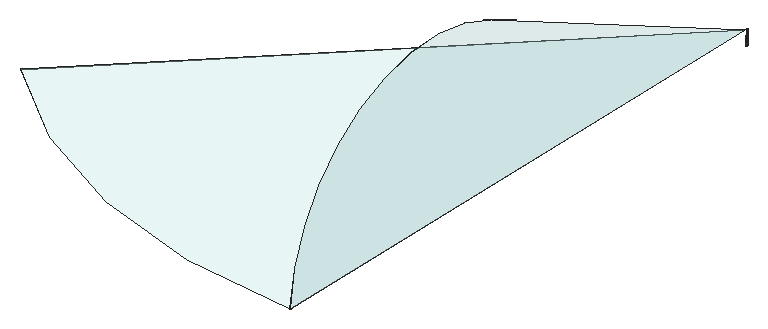
Revit family "Rotor 5000 Series - 5006+PC", category Acessórios do tubo, Revit 2020
Family settings
  Cota do conector redondo = Utilizar diâmetro
  Tipo de parte = Normal
  Número OmniClass = 23.60.30.11.14
  Título OmniClass = Pipework Fittings
  Com base no plano de trabalho = Não
  Sempre na vertical = Sim
  Corte com vazios quando carregada = Não
  Compartilhado = Não
Parameters (values of type "Rain Curtain 6.0")
  Water = Water
  URL = "https://www.rainbird.com/"
  TABLE 65 = "TABLE 65psi"
  TABLE 55 75 = "TABLE 55 75psi"
  TABLE 55 = "TABLE 55psi"
  TABLE 45 = "TABLE 45psi"
  TABLE 35 = "TABLE 35psi"
  TABLE 25 = "TABLE 25psi"
  SupportProjetos: Reviw Date = ""  # constant formula
  SupportProjetos: Reviw = "R00"  # constant formula
  SupportProjetos: Level of Detail = "LOD 300"  # constant formula
  SupportProjetos: Developed = "MICHEL SOARES MOTA"  # constant formula
  SupportProjetos: Creation Date = "07/08/2020"  # constant formula
  Side inlet = no
  Rotation Water Visibility [instance] = Pop up on  # yes
  Rotation Angle [instance] = 45.00°
  RainBird: Product Link = "https://www.rainbird.com/"
  RainBird: Description = "5006+PC Rotor "  # constant formula
  RainBird: Comment [instance] = ""
  RainBird: Code = "Y45800"  # constant formula
  Radius [instance] = if(and(Pressure = 25.0 psi, Instance < 25 ft), size_lookup(TABLE 25, "Radius", 0 ft, Instance), if(and(Pressure = 35.0 psi, Instance < 25 ft), size_lookup(TABLE 35, "Radius", 0 ft, Instance), if(and(Pressure = 45.0 psi, Instance < 25 ft), size_lookup(TABLE 45, "Radius", 0 ft, Instance), if(and(Pressure = 55.0 psi, Instance < 13 ft), size_lookup(TABLE 55, "Radius", 0 ft, Instance), if(and(Pressure = 65.0 psi, Instance < 13 ft), size_lookup(TABLE 65, "Radius", 0 ft, Instance), if(and(Pressure > 55.0 psi, Instance > 13 ft), size_lookup(TABLE 55 75, "Radius", 0 ft, Instance), 0 ft))))))  # 50 ft
  RT = 0.009893 ft
  RN = 0.032808 ft
  R5 = 0.03937 ft
  R4 = 0.04101 ft
  R3 = 0.065617 ft
  R2 = 0.075407 ft
  R1 = 0.032808 ft
  Pressure [instance] = 55.0 psi
  Pop up height = 0.499 ft  # constant formula
  Pop up on [instance] = yes
  Modelo = "5006+PC"  # constant formula
  Instance = 7 ft
  H1 = Body height / 3  # 0.268 ft
  Flow [instance] = if(and(Pressure = 25.0 psi, Instance < 25 ft), size_lookup(TABLE 25, "Flow", 0.0 GPM, Instance), if(and(Pressure = 35.0 psi, Instance < 25 ft), size_lookup(TABLE 35, "Flow", 0.0 GPM, Instance), if(and(Pressure = 45.0 psi, Instance < 25 ft), size_lookup(TABLE 45, "Flow", 0.0 GPM, Instance), if(and(Pressure = 55.0 psi, Instance < 13 ft), size_lookup(TABLE 55, "Flow", 0.0 GPM, Instance), if(and(Pressure = 65.0 psi, Instance < 13 ft), size_lookup(TABLE 65, "Flow", 0.0 GPM, Instance), if(and(Pressure > 55.0 psi, Instance > 13 ft), size_lookup(TABLE 55 75, "Flow", 0.0 GPM, Instance), 0.0 GPM))))))  # 6.63 GPM
  Fabricante = "Rain Bird"
  Elevação padrão = 0 ft
  Description = RainBird: Description  # "5006+PC Rotor "
  DD13 = 0.002625 ft
  DD12 = 0.003937 ft
  DD11 = 0.009897 ft
  DD10 = 0.016404 ft
  DD8 [instance] = if(Pop up on, Pop up height, 0 ft)  # 0.499 ft
  DD7 = 0.019685 ft
  DD6 [instance] = 0.016404 ft
  DD5 = 0.065617 ft
  DD4 = 0.032808 ft
  DD3 = 0.091048 ft
  DD2 [instance] = 0.024514 ft
  DD9 [instance] = if(Pop up on, Pop up height + 0.049541 ft, 0 ft)  # 0.548541 ft
  DD1 = 0.006562 ft
  Conection = 0.062664 ft  # constant formula
  Body height = 0.804 ft  # constant formula
  Blue = Blue Plastic
  Black Plastic = Black Plastic
  Angle = 25.00°
Types (25, lengths in ft): name | Rotation Angle | Radius | Pressure | Instance | Flow
  (no name) | 45.00° | 50 | 55.0 psi | 7 | 6.63 GPM
  Rain Curtain 1.5 | 180.00° | 33 | 25.0 psi | 1 | 1.12 GPM
  Rain Curtain 2.0 | 180.00° | 35 | 25.0 psi | 2 | 1.5 GPM
  Rain Curtain 3.0 | 180.00° | 36 | 25.0 psi | 4 | 2.26 GPM
  Rain Curtain 4.0 | 180.00° | 36 | 25.0 psi | 5 | 2.91 GPM
  Rain Curtain 5.0 | 180.00° | 37 | 25.0 psi | 6 | 3.72 GPM
  Rain Curtain 6.0 | 45.00° | 50 | 55.0 psi | 7 | 6.63 GPM
  Rain Curtain 8.0 | 180.00° | 33 | 25.0 psi | 8 | 5.9 GPM
  Rain Curtain 2.5 | 180.00° | 35 | 25.0 psi | 3 | 1.81 GPM
  1.0 LA | 180.00° | 25 | 25.0 psi | 9 | 0.76 GPM
  1.5 LA | 180.00° | 27 | 25.0 psi | 10 | 1.15 GPM
  2.0 LA | 180.00° | 29 | 25.0 psi | 11 | 1.47 GPM
  3.0 LA | 180.00° | 29 | 25.0 psi | 12 | 2.23 GPM
  PRS Rain Curtain 1.5 | 180.00° | 33 | 25.0 psi | 13 | 1.12 GPM
  PRS Rain Curtain 2.0 | 180.00° | 35 | 25.0 psi | 14 | 1.5 GPM
  PRS Rain Curtain 2.5 | 180.00° | 35 | 25.0 psi | 15 | 1.81 GPM
  PRS Rain Curtain 3.0 | 180.00° | 36 | 25.0 psi | 16 | 2.26 GPM
  PRS Rain Curtain 4.0 | 180.00° | 36 | 25.0 psi | 17 | 2.91 GPM
  PRS Rain Curtain 5.0 | 180.00° | 37 | 25.0 psi | 18 | 3.72 GPM
  PRS Rain Curtain 6.0 | 180.00° | 37 | 25.0 psi | 19 | 4.25 GPM
  PRS Rain Curtain 8.0 | 180.00° | 33 | 25.0 psi | 20 | 5.9 GPM
  PRS 1.0 LA | 180.00° | 25 | 25.0 psi | 21 | 0.76 GPM
  PRS 1.5 LA | 180.00° | 27 | 25.0 psi | 22 | 1.15 GPM
  PRS 2.0 LA | 180.00° | 29 | 25.0 psi | 23 | 1.47 GPM
  PRS 3.0 LA | 180.00° | 29 | 25.0 psi | 24 | 2.23 GPM
Reference planes (ft)
  plane 1 "Centro (Frente/Trás)": y = 0
  plane 2: z = 0
  plane 3 "Centro (Esquerda/Direita)": x = 0
  plane 4: z = 0.003937
  plane 5: z = 0.002625
  plane 6: y = -0.065617
Forms (ft)
  Revolve 1, solid, material "Black Plastic" <- "Black Plastic"
    sketch origin (0, 0, 0) x (1, 0, 0) y (0, 0, 1)
      loop
        line (0.075407, -0.091048) -> (0.075407, -0.035324)
        arc (0.075407, -0.035324) -> (0.072509, -0.028329) -> (0.065514, -0.025431) r 0.009893
        line (0.065514, -0.025431) -> (0.046098, -0.025431) -> (0.046098, 0) -> (0.03937, 0) -> (0.03937, -0.499) -> (0.019685, -0.499) -> (0.019685, -0.797438) -> (0.032808, -0.797438) -> (0.032808, -0.804) -> (0.04101, -0.804) -> (0.04101, -0.797438) -> (0.055724, -0.797438)
        arc (0.055724, -0.797438) -> (0.062719, -0.794541) -> (0.065617, -0.787545) r 0.009893
        line (0.065617, -0.787545) -> (0.065617, -0.091048) -> (0.075407, -0.091048)
      axis (0, -0.804) -> (0, 0)
    angle from 0 to 360
  Extrusion 2, solid, material "Black Plastic" <- "Black Plastic"
    sketch origin (0, 0, 0) x (1, 0, 0) y (0, 1, 0)
      loop
        circle (0, 0) r 0.032808
    from -0.499 to 0.499
  Extrusion 3, void
    sketch origin (0, 0, 0) x (1, 0, 0) y (0, 1, 0)
      loop
        circle (0, 0) r 0.022844
    from -0.499 to 0.499
  Revolve 4, solid, material "Black Plastic" <- "Black Plastic"
    sketch origin (0, 0, 0) x (1, 0, 0) y (0, 0, 1)
      loop
        line (0, 0.499) -> (0.037004, 0.499) -> (0.037004, 0.508897)
        arc (0.037004, 0.508897) -> (0.01879, 0.51379) -> (0, 0.515404) r 0.10685
        line (0, 0.515404) -> (0, 0.499)
      axis (0, 0.499) -> (0, 0.515404)
    angle from 0 to 360
  Extrusion 5, solid, material "Blue Plastic" <- "Blue"
    sketch origin (0, 0, 0) x (1, 0, 0) y (0, 0, 1)
      loop
        circle (0, 0.474486) r 0.009129
      loop
        circle (0, 0.474486) r 0.004793
    from 0 to 0.034386
  Extrusion 6, void
    sketch origin (0, 0, 0) x (1, 0, 0) y (0, 0, 1)
      loop
        line (-0.02074, 0.328055) -> (-0.02074, 0.282426) -> (0.020672, 0.282426) -> (0.020672, 0.328055) -> (-0.02074, 0.328055)
      loop
        line (-0.018439, 0.325179) -> (-0.018439, 0.285685) -> (0.018179, 0.285685) -> (0.018179, 0.325179) -> (-0.018439, 0.325179)
    from 0.024556 to 0.06931
  Extrusion 7, solid, material "Black Plastic" <- "Black Plastic"
    sketch origin (0, 0, 0) x (1, 0, 0) y (0, 0, 1)
      loop
        line (0.046098, 0) -> (0.046098, -0.036876) -> (0.073493, -0.036876) -> (0.046098, 0)
    from -0.002998 to 0.002998
  Extrusion 8, solid, material "Black Plastic" <- "Black Plastic"
    sketch origin (0, 0, 0) x (-1, 0, 0) y (0, 0, -1)
      loop
        line (0.046098, 0) -> (0.073493, 0.036876) -> (0.046098, 0.036876) -> (0.046098, 0)
    from -0.002998 to 0.002998
  Extrusion 9, solid, material "Black Plastic" <- "Black Plastic"
    sketch origin (0, 0, 0) x (0.866025, 0.5, 0) y (0, 0, 1)
      loop
        line (0.046098, 0) -> (0.046098, -0.036876) -> (0.073493, -0.036876) -> (0.046098, 0)
    from -0.002998 to 0.002998
  Extrusion 10, solid, material "Black Plastic" <- "Black Plastic"
    sketch origin (0, 0, 0) x (-0.866025, -0.5, 0) y (0, 0, -1)
      loop
        line (0.046098, 0) -> (0.073493, 0.036876) -> (0.046098, 0.036876) -> (0.046098, 0)
    from -0.002998 to 0.002998
  Extrusion 11, solid, material "Black Plastic" <- "Black Plastic"
    sketch origin (0, 0, 0) x (0, 1, 0) y (0, 0, 1)
      loop
        line (0.046098, 0) -> (0.046098, -0.036876) -> (0.073493, -0.036876) -> (0.046098, 0)
    from -0.002998 to 0.002998
  Extrusion 12, solid, material "Black Plastic" <- "Black Plastic"
    sketch origin (0, 0, 0) x (0, -1, 0) y (0, 0, -1)
      loop
        line (0.046098, 0) -> (0.073493, 0.036876) -> (0.046098, 0.036876) -> (0.046098, 0)
    from -0.002998 to 0.002998
  Extrusion 13, solid, material "Black Plastic" <- "Black Plastic"
    sketch origin (0, 0, 0) x (0.5, 0.866025, 0) y (0, 0, 1)
      loop
        line (0.046098, 0) -> (0.046098, -0.036876) -> (0.073493, -0.036876) -> (0.046098, 0)
    from -0.002998 to 0.002998
  Extrusion 14, solid, material "Black Plastic" <- "Black Plastic"
    sketch origin (0, 0, 0) x (-0.5, -0.866025, 0) y (0, 0, -1)
      loop
        line (0.046098, 0) -> (0.073493, 0.036876) -> (0.046098, 0.036876) -> (0.046098, 0)
    from -0.002998 to 0.002998
  Extrusion 15, solid, material "Black Plastic" <- "Black Plastic"
    sketch origin (0, 0, 0) x (-0.5, 0.866025, 0) y (0, 0, 1)
      loop
        line (0.046098, 0) -> (0.046098, -0.036876) -> (0.073493, -0.036876) -> (0.046098, 0)
    from -0.002998 to 0.002998
  Extrusion 16, solid, material "Black Plastic" <- "Black Plastic"
    sketch origin (0, 0, 0) x (0.5, -0.866025, 0) y (0, 0, -1)
      loop
        line (0.046098, 0) -> (0.073493, 0.036876) -> (0.046098, 0.036876) -> (0.046098, 0)
    from -0.002998 to 0.002998
  Extrusion 17, solid, material "Black Plastic" <- "Black Plastic"
    sketch origin (0, 0, 0) x (-0.866025, 0.5, 0) y (0, 0, 1)
      loop
        line (0.046098, 0) -> (0.046098, -0.036876) -> (0.073493, -0.036876) -> (0.046098, 0)
    from -0.002998 to 0.002998
  Extrusion 18, solid, material "Black Plastic" <- "Black Plastic"
    sketch origin (0, 0, 0) x (0.866025, -0.5, 0) y (0, 0, -1)
      loop
        line (0.046098, 0) -> (0.073493, 0.036876) -> (0.046098, 0.036876) -> (0.046098, 0)
    from -0.002998 to 0.002998
  Extrusion 19, void
    sketch origin (0, 0, 0) x (1, 0, 0) y (0, 1, 0)
      loop
        line (-0.002998, 0.077702) -> (-0.002998, 0.071655) -> (0.002998, 0.071655) -> (0.002998, 0.077702) -> (-0.002998, 0.077702)
    from -0.091048 to 0.82021
  Extrusion 20, void
    sketch origin (0, 0, 0) x (1, 0, 0) y (0, 1, 0)
      loop
        line (0.002998, -0.077702) -> (0.002998, -0.071655) -> (-0.002998, -0.071655) -> (-0.002998, -0.077702) -> (0.002998, -0.077702)
    from -0.091048 to 0.82021
  Extrusion 21, void
    sketch origin (0, 0, 0) x (0.965926, 0.258819, 0) y (-0.258819, 0.965926, 0)
      loop
        line (-0.002998, 0.077702) -> (-0.002998, 0.071655) -> (0.002998, 0.071655) -> (0.002998, 0.077702) -> (-0.002998, 0.077702)
    from -0.091048 to 0.82021
  Extrusion 22, void
    sketch origin (0, 0, 0) x (0.965926, 0.258819, 0) y (-0.258819, 0.965926, 0)
      loop
        line (0.002998, -0.077702) -> (0.002998, -0.071655) -> (-0.002998, -0.071655) -> (-0.002998, -0.077702) -> (0.002998, -0.077702)
    from -0.091048 to 0.82021
  Extrusion 23, void
    sketch origin (0, 0, 0) x (0.866025, 0.5, 0) y (-0.5, 0.866025, 0)
      loop
        line (-0.002998, 0.077702) -> (-0.002998, 0.071655) -> (0.002998, 0.071655) -> (0.002998, 0.077702) -> (-0.002998, 0.077702)
    from -0.091048 to 0.82021
  Extrusion 24, void
    sketch origin (0, 0, 0) x (0.866025, 0.5, 0) y (-0.5, 0.866025, 0)
      loop
        line (0.002998, -0.077702) -> (0.002998, -0.071655) -> (-0.002998, -0.071655) -> (-0.002998, -0.077702) -> (0.002998, -0.077702)
    from -0.091048 to 0.82021
  Extrusion 25, void
    sketch origin (0, 0, 0) x (0.5, 0.866025, 0) y (-0.866025, 0.5, 0)
      loop
        line (-0.002998, 0.077702) -> (-0.002998, 0.071655) -> (0.002998, 0.071655) -> (0.002998, 0.077702) -> (-0.002998, 0.077702)
    from -0.091048 to 0.82021
  Extrusion 26, void
    sketch origin (0, 0, 0) x (0.5, 0.866025, 0) y (-0.866025, 0.5, 0)
      loop
        line (0.002998, -0.077702) -> (0.002998, -0.071655) -> (-0.002998, -0.071655) -> (-0.002998, -0.077702) -> (0.002998, -0.077702)
    from -0.091048 to 0.82021
  Extrusion 27, void
    sketch origin (0, 0, 0) x (0.707107, 0.707107, 0) y (-0.707107, 0.707107, 0)
      loop
        line (-0.002998, 0.077702) -> (-0.002998, 0.071655) -> (0.002998, 0.071655) -> (0.002998, 0.077702) -> (-0.002998, 0.077702)
    from -0.091048 to 0.82021
  Extrusion 28, void
    sketch origin (0, 0, 0) x (0.707107, 0.707107, 0) y (-0.707107, 0.707107, 0)
      loop
        line (0.002998, -0.077702) -> (0.002998, -0.071655) -> (-0.002998, -0.071655) -> (-0.002998, -0.077702) -> (0.002998, -0.077702)
    from -0.091048 to 0.82021
  Extrusion 29, void
    sketch origin (0, 0, 0) x (0.258819, 0.965926, 0) y (-0.965926, 0.258819, 0)
      loop
        line (-0.002998, 0.077702) -> (-0.002998, 0.071655) -> (0.002998, 0.071655) -> (0.002998, 0.077702) -> (-0.002998, 0.077702)
    from -0.091048 to 0.82021
  Extrusion 30, void
    sketch origin (0, 0, 0) x (0.258819, 0.965926, 0) y (-0.965926, 0.258819, 0)
      loop
        line (0.002998, -0.077702) -> (0.002998, -0.071655) -> (-0.002998, -0.071655) -> (-0.002998, -0.077702) -> (0.002998, -0.077702)
    from -0.091048 to 0.82021
  Extrusion 31, void
    sketch origin (0, 0, 0) x (0, 1, 0) y (-1, 0, 0)
      loop
        line (-0.002998, 0.077702) -> (-0.002998, 0.071655) -> (0.002998, 0.071655) -> (0.002998, 0.077702) -> (-0.002998, 0.077702)
    from -0.091048 to 0.82021
  Extrusion 32, void
    sketch origin (0, 0, 0) x (0, 1, 0) y (-1, 0, 0)
      loop
        line (0.002998, -0.077702) -> (0.002998, -0.071655) -> (-0.002998, -0.071655) -> (-0.002998, -0.077702) -> (0.002998, -0.077702)
    from -0.091048 to 0.82021
  Extrusion 33, void
    sketch origin (0, 0, 0) x (-0.258819, 0.965926, 0) y (-0.965926, -0.258819, 0)
      loop
        line (-0.002998, 0.077702) -> (-0.002998, 0.071655) -> (0.002998, 0.071655) -> (0.002998, 0.077702) -> (-0.002998, 0.077702)
    from -0.091048 to 0.82021
  Extrusion 34, void
    sketch origin (0, 0, 0) x (-0.258819, 0.965926, 0) y (-0.965926, -0.258819, 0)
      loop
        line (0.002998, -0.077702) -> (0.002998, -0.071655) -> (-0.002998, -0.071655) -> (-0.002998, -0.077702) -> (0.002998, -0.077702)
    from -0.091048 to 0.82021
  Extrusion 35, void
    sketch origin (0, 0, 0) x (-0.5, 0.866025, 0) y (-0.866025, -0.5, 0)
      loop
        line (-0.002998, 0.077702) -> (-0.002998, 0.071655) -> (0.002998, 0.071655) -> (0.002998, 0.077702) -> (-0.002998, 0.077702)
    from -0.091048 to 0.82021
  Extrusion 36, void
    sketch origin (0, 0, 0) x (-0.5, 0.866025, 0) y (-0.866025, -0.5, 0)
      loop
        line (0.002998, -0.077702) -> (0.002998, -0.071655) -> (-0.002998, -0.071655) -> (-0.002998, -0.077702) -> (0.002998, -0.077702)
    from -0.091048 to 0.82021
  Extrusion 37, void
    sketch origin (0, 0, 0) x (-0.707107, 0.707107, 0) y (-0.707107, -0.707107, 0)
      loop
        line (-0.002998, 0.077702) -> (-0.002998, 0.071655) -> (0.002998, 0.071655) -> (0.002998, 0.077702) -> (-0.002998, 0.077702)
    from -0.091048 to 0.82021
  Extrusion 38, void
    sketch origin (0, 0, 0) x (-0.707107, 0.707107, 0) y (-0.707107, -0.707107, 0)
      loop
        line (0.002998, -0.077702) -> (0.002998, -0.071655) -> (-0.002998, -0.071655) -> (-0.002998, -0.077702) -> (0.002998, -0.077702)
    from -0.091048 to 0.82021
  Extrusion 39, void
    sketch origin (0, 0, 0) x (-0.866025, 0.5, 0) y (-0.5, -0.866025, 0)
      loop
        line (-0.002998, 0.077702) -> (-0.002998, 0.071655) -> (0.002998, 0.071655) -> (0.002998, 0.077702) -> (-0.002998, 0.077702)
    from -0.091048 to 0.82021
  Extrusion 40, void
    sketch origin (0, 0, 0) x (-0.866025, 0.5, 0) y (-0.5, -0.866025, 0)
      loop
        line (0.002998, -0.077702) -> (0.002998, -0.071655) -> (-0.002998, -0.071655) -> (-0.002998, -0.077702) -> (0.002998, -0.077702)
    from -0.091048 to 0.82021
  Extrusion 41, void
    sketch origin (0, 0, 0) x (-0.965926, 0.258819, 0) y (-0.258819, -0.965926, 0)
      loop
        line (-0.002998, 0.077702) -> (-0.002998, 0.071655) -> (0.002998, 0.071655) -> (0.002998, 0.077702) -> (-0.002998, 0.077702)
    from -0.091048 to 0.82021
  Extrusion 42, void
    sketch origin (0, 0, 0) x (-0.965926, 0.258819, 0) y (-0.258819, -0.965926, 0)
      loop
        line (0.002998, -0.077702) -> (0.002998, -0.071655) -> (-0.002998, -0.071655) -> (-0.002998, -0.077702) -> (0.002998, -0.077702)
    from -0.091048 to 0.82021
  Extrusion 43, solid, material "Water" <- "Water", visible <- "Rotation Water Visibility"
    sketch origin (0, 0, 0) x (0, 1, 0) y (0, 0, 1)
      loop
        line (-0.032808, 0.474486) -> (-27.969074, 13.50138)
        arc (-27.969074, 13.50138) -> (-42.432078, 12.799272) -> (-50.032808, 0.474486) r 15.534311
        line (-50.032808, 0.474486) -> (-0.032808, 0.474486)
    from -0.008202 to 0.008202
Cuts and joins
  Extrusion 3, Extrusion 6 cuts Extrusion 2
  Extrusion 19, Extrusion 20, Extrusion 21, Extrusion 22, Extrusion 23, Extrusion 24, Extrusion 25, Extrusion 26, Extrusion 27, Extrusion 28, Extrusion 29, Extrusion 30, Extrusion 31, Extrusion 32, Extrusion 33, Extrusion 34, Extrusion 35, Extrusion 36, Extrusion 37, Extrusion 38, Extrusion 39, Extrusion 40, Extrusion 41, Extrusion 42 cuts Revolve 1
Dimensions and locks (ft)
  "Body height": level to Revolve 1 sketch curve
  "R2": Revolve 1 sketch curve to plane 3 "Centro (Esquerda/Direita)"
  "DD1": Revolve 1 sketch curve to Revolve 1 sketch curve
  "DD3": level to Revolve 1 sketch curve
  Revolve 1 sketch curve to plane 3 "Centro (Esquerda/Direita)" = 0.065617 ft
  "R4": Revolve 1 sketch curve to plane 3 "Centro (Esquerda/Direita)"
  "RN": Revolve 1 sketch curve to plane 3 "Centro (Esquerda/Direita)"
  "Pop up height": level to Revolve 1 sketch curve
  "R5": plane 3 "Centro (Esquerda/Direita)" to Revolve 1 sketch curve
  "DD7": Revolve 1 sketch curve to plane 3 "Centro (Esquerda/Direita)"
  "DD8": Extrusion 2 to level
  "DD12": plane 4 to level
  "DD13": plane 5 to level
  "R3": plane 6 to plane 1 "Centro (Frente/Trás)"
  "DD5": Revolve 1 sketch curve to Revolve 1 sketch curve
  "DD10": Revolve 4 sketch curve to Revolve 4 sketch curve
  "DD11": Revolve 4 sketch curve to Revolve 4 sketch curve
  "DD2": Revolve 4 to Extrusion 5 sketch curve  (x2)
  Extrusion 7 to plane 3 "Centro (Esquerda/Direita)" = 0.046098 ft
  equal spacing: Extrusion 7, plane 1 "Centro (Frente/Trás)", Extrusion 7
  Extrusion 8 to Extrusion 8 = 0.005995 ft
  Extrusion 9 to Extrusion 9 = 0.005995 ft
  Extrusion 20 sketch curve to Extrusion 20 sketch curve = 0.005995 ft
  Extrusion 22 sketch curve to Extrusion 22 sketch curve = 0.005995 ft
  Extrusion 24 sketch curve to Extrusion 24 sketch curve = 0.005995 ft
  Extrusion 26 sketch curve to Extrusion 26 sketch curve = 0.005995 ft
  Extrusion 28 sketch curve to Extrusion 28 sketch curve = 0.005995 ft
  Extrusion 30 sketch curve to Extrusion 30 sketch curve = 0.005995 ft
  Extrusion 32 sketch curve to Extrusion 32 sketch curve = 0.005995 ft
  Extrusion 34 sketch curve to Extrusion 34 sketch curve = 0.005995 ft
  Extrusion 36 sketch curve to Extrusion 36 sketch curve = 0.005995 ft
  Extrusion 38 sketch curve to Extrusion 38 sketch curve = 0.005995 ft
  Extrusion 40 sketch curve to Extrusion 40 sketch curve = 0.005995 ft
  Extrusion 42 sketch curve to Extrusion 42 sketch curve = 0.005995 ft
  "DD4": plane 1 "Centro (Frente/Trás)" to Extrusion 43 sketch curve
  "DD2": Revolve 4 to Extrusion 43 sketch curve
  "Radius": Extrusion 43 sketch curve to Extrusion 43 sketch curve
  equal spacing: Extrusion 43, plane 3 "Centro (Esquerda/Direita)", Extrusion 43
  "DD6": Extrusion 43 to Extrusion 43
  "DD2": Revolve 4 to nested 1
  "RT": radius of Revolve 1 sketch curve  (x2)
  "R1": radius of Extrusion 2 sketch curve
  "Angle": angle Extrusion 43 sketch curve to Extrusion 43 sketch curve
  aligned and locked: level to plane 2
  aligned and locked: Revolve 1 sketch curve to Revolve 1 sketch curve
  aligned and locked: Extrusion 2 to Revolve 1
  aligned and locked: cut or joined group of Extrusion 2, Extrusion 3, Extrusion 6 to cut or joined group of Extrusion 2, Extrusion 3, Extrusion 6  (x2)
  aligned and locked: Revolve 4 sketch curve to cut or joined group of Extrusion 2, Extrusion 3, Extrusion 6
  aligned and locked: Extrusion 20 to Revolve 1
  aligned and locked: Extrusion 22 to Revolve 1
  aligned and locked: Extrusion 24 to Revolve 1
  aligned and locked: Extrusion 28 to Revolve 1
  aligned and locked: Extrusion 26 to Revolve 1
  aligned and locked: Extrusion 30 to Revolve 1
  aligned and locked: Extrusion 32 to Revolve 1
  aligned and locked: Extrusion 34 to Revolve 1
  aligned and locked: Revolve 1 to Extrusion 36
  aligned and locked: Revolve 1 to Extrusion 38
  aligned and locked: Extrusion 41 to Revolve 1
  aligned and locked: Extrusion 39 to Revolve 1
  aligned and locked: Extrusion 37 to Revolve 1
  aligned and locked: Extrusion 35 to Revolve 1
  aligned and locked: Extrusion 33 to Revolve 1
  aligned and locked: Extrusion 31 to Revolve 1
  aligned and locked: Extrusion 29 to Revolve 1
  aligned and locked: Revolve 1 to Extrusion 25
  aligned and locked: Revolve 1 to Extrusion 27
  aligned and locked: Revolve 1 to Extrusion 19
  aligned and locked: Revolve 1 to Extrusion 21
  aligned and locked: Revolve 1 to Extrusion 42
  aligned and locked: Revolve 1 to Extrusion 40
  aligned and locked: Revolve 1 to Extrusion 23
Automatic sketch dimensions
  plane 1 "Centro (Frente/Trás)" to Extrusion 2 sketch curve = 0 ft
  Extrusion 2 sketch curve to plane 3 "Centro (Esquerda/Direita)" = 0 ft
  plane 1 "Centro (Frente/Trás)" to Extrusion 3 sketch curve = 0 ft
  Extrusion 3 sketch curve to plane 3 "Centro (Esquerda/Direita)" = 0 ft
  Revolve 4 sketch curve to plane 3 "Centro (Esquerda/Direita)" = 0 ft  (x2)
  plane 3 "Centro (Esquerda/Direita)" to Revolve 4 sketch curve = 0.000284 ft
  plane 3 "Centro (Esquerda/Direita)" to Revolve 4 sketch curve = 0.037004 ft
  Revolve 4 sketch curve to Revolve 4 sketch curve = 0.015719 ft
  Revolve 4 sketch curve to Revolve 4 sketch curve = 0.114829 ft
  Extrusion 5 sketch curve to Extrusion 5 sketch curve = 0 ft
  Extrusion 5 sketch curve to plane 3 "Centro (Esquerda/Direita)" = 0 ft
  Extrusion 6 sketch curve to plane 3 "Centro (Esquerda/Direita)" = 0.02074 ft
  Extrusion 6 sketch curve to Extrusion 6 sketch curve = 0.002301 ft
  plane 3 "Centro (Esquerda/Direita)" to Extrusion 6 sketch curve = 0.018179 ft
  Extrusion 6 sketch curve to Extrusion 6 sketch curve = 0.002492 ft
  plane 4 to Extrusion 6 sketch curve = 0.278489 ft
  Extrusion 6 sketch curve to Extrusion 6 sketch curve = 0.003259 ft
  Extrusion 6 sketch curve to Extrusion 6 sketch curve = 0.039494 ft
  Extrusion 6 sketch curve to Extrusion 6 sketch curve = 0.002876 ft
  Extrusion 7 sketch curve to level = 0 ft
  plane 3 "Centro (Esquerda/Direita)" to Extrusion 7 sketch curve = 0.046098 ft
  Extrusion 7 sketch curve to Extrusion 7 sketch curve = 0.027396 ft
  Extrusion 7 sketch curve to Extrusion 7 sketch curve = 0.036876 ft
  Extrusion 8 sketch curve to level = 0 ft
  plane 3 "Centro (Esquerda/Direita)" to Extrusion 8 sketch curve = 0.046098 ft
  Extrusion 8 sketch curve to Extrusion 8 sketch curve = 0.027396 ft
  Extrusion 8 sketch curve to Extrusion 8 sketch curve = 0.036876 ft
  Extrusion 9 sketch curve to level = 0 ft
  Extrusion 9 sketch curve to level = 0.036876 ft
  Extrusion 9 sketch curve to Extrusion 9 sketch curve = 0.027396 ft
  Extrusion 10 sketch curve to level = 0 ft
  Extrusion 10 sketch curve to level = 0.036876 ft
  Extrusion 10 sketch curve to Extrusion 10 sketch curve = 0.027396 ft
  Extrusion 11 sketch curve to level = 0 ft
  Extrusion 11 sketch curve to plane 1 "Centro (Frente/Trás)" = 0.046098 ft
  Extrusion 11 sketch curve to Extrusion 11 sketch curve = 0.027396 ft
  Extrusion 11 sketch curve to Extrusion 11 sketch curve = 0.036876 ft
  Extrusion 12 sketch curve to level = 0 ft
  plane 6 to Extrusion 12 sketch curve = 0.019519 ft
  Extrusion 12 sketch curve to plane 6 = 0.007877 ft
  Extrusion 12 sketch curve to level = 0.036876 ft
  Extrusion 13 sketch curve to level = 0 ft
  Extrusion 13 sketch curve to level = 0.036876 ft
  Extrusion 13 sketch curve to Extrusion 13 sketch curve = 0.027396 ft
  Extrusion 14 sketch curve to level = 0 ft
  Extrusion 14 sketch curve to level = 0.036876 ft
  Extrusion 14 sketch curve to Extrusion 14 sketch curve = 0.027396 ft
  level to Extrusion 15 sketch curve = 0 ft
  Extrusion 15 sketch curve to level = 0.036876 ft
  Extrusion 15 sketch curve to Extrusion 15 sketch curve = 0.027396 ft
  level to Extrusion 16 sketch curve = 0 ft
  Extrusion 16 sketch curve to level = 0.036876 ft
  Extrusion 16 sketch curve to Extrusion 16 sketch curve = 0.027396 ft
  level to Extrusion 17 sketch curve = 0 ft
  Extrusion 17 sketch curve to level = 0.036876 ft
  Extrusion 17 sketch curve to Extrusion 17 sketch curve = 0.027396 ft
  level to Extrusion 18 sketch curve = 0 ft
  Extrusion 18 sketch curve to level = 0.036876 ft
  Extrusion 18 sketch curve to Extrusion 18 sketch curve = 0.027396 ft
  Extrusion 19 sketch curve to plane 3 "Centro (Esquerda/Direita)" = 0.002998 ft
  Extrusion 19 sketch curve to plane 1 "Centro (Frente/Trás)" = 0.071655 ft
  Extrusion 19 sketch curve to Extrusion 19 sketch curve = 0.006047 ft
  plane 3 "Centro (Esquerda/Direita)" to Extrusion 20 sketch curve = 0.002998 ft
  plane 6 to Extrusion 20 sketch curve = 0.006038 ft
  Extrusion 20 sketch curve to Extrusion 20 sketch curve = 0.006047 ft
  plane 3 "Centro (Esquerda/Direita)" to Extrusion 19 sketch curve = 0.002998 ft
  Extrusion 21 sketch curve to plane 3 "Centro (Esquerda/Direita)" = 0.021441 ft
  Extrusion 21 sketch curve to plane 1 "Centro (Frente/Trás)" = 0.068438 ft
  Extrusion 21 sketch curve to Extrusion 21 sketch curve = 0.005995 ft
  Extrusion 21 sketch curve to Extrusion 21 sketch curve = 0.006047 ft
  Extrusion 22 sketch curve to plane 6 = 0.010213 ft
  plane 3 "Centro (Esquerda/Direita)" to Extrusion 22 sketch curve = 0.017215 ft
  Extrusion 22 sketch curve to Extrusion 22 sketch curve = 0.006047 ft
  Extrusion 23 sketch curve to plane 3 "Centro (Esquerda/Direita)" = 0.038424 ft
  Extrusion 23 sketch curve to plane 1 "Centro (Frente/Trás)" = 0.060556 ft
  Extrusion 23 sketch curve to Extrusion 23 sketch curve = 0.005995 ft
  Extrusion 23 sketch curve to Extrusion 23 sketch curve = 0.006047 ft
  Extrusion 24 sketch curve to plane 6 = 0.003174 ft
  plane 3 "Centro (Esquerda/Direita)" to Extrusion 24 sketch curve = 0.036255 ft
  Extrusion 24 sketch curve to Extrusion 24 sketch curve = 0.006047 ft
  Extrusion 25 sketch curve to plane 1 "Centro (Frente/Trás)" = 0.033231 ft
  Extrusion 25 sketch curve to plane 3 "Centro (Esquerda/Direita)" = 0.063554 ft
  Extrusion 25 sketch curve to Extrusion 25 sketch curve = 0.005995 ft
  Extrusion 25 sketch curve to Extrusion 25 sketch curve = 0.006047 ft
  Extrusion 26 sketch curve to plane 6 = 0.02417 ft
  Extrusion 26 sketch curve to plane 3 "Centro (Esquerda/Direita)" = 0.065793 ft
  Extrusion 26 sketch curve to Extrusion 26 sketch curve = 0.006047 ft
  Extrusion 27 sketch curve to plane 1 "Centro (Frente/Trás)" = 0.048548 ft
  Extrusion 27 sketch curve to plane 3 "Centro (Esquerda/Direita)" = 0.052787 ft
  Extrusion 27 sketch curve to Extrusion 27 sketch curve = 0.005995 ft
  Extrusion 27 sketch curve to Extrusion 27 sketch curve = 0.006047 ft
  plane 6 to Extrusion 28 sketch curve = 0.008554 ft
  plane 3 "Centro (Esquerda/Direita)" to Extrusion 28 sketch curve = 0.052824 ft
  Extrusion 28 sketch curve to Extrusion 28 sketch curve = 0.006047 ft
  Extrusion 29 sketch curve to plane 1 "Centro (Frente/Trás)" = 0.01565 ft
  Extrusion 29 sketch curve to plane 3 "Centro (Esquerda/Direita)" = 0.069989 ft
  Extrusion 29 sketch curve to Extrusion 29 sketch curve = 0.005995 ft
  Extrusion 29 sketch curve to Extrusion 29 sketch curve = 0.006047 ft
  plane 1 "Centro (Frente/Trás)" to Extrusion 30 sketch curve = 0.023006 ft
  plane 3 "Centro (Esquerda/Direita)" to Extrusion 30 sketch curve = 0.074278 ft
  Extrusion 30 sketch curve to Extrusion 30 sketch curve = 0.006047 ft
  plane 1 "Centro (Frente/Trás)" to Extrusion 31 sketch curve = 0.002998 ft
  Extrusion 31 sketch curve to plane 1 "Centro (Frente/Trás)" = 0.002998 ft
  Extrusion 31 sketch curve to plane 3 "Centro (Esquerda/Direita)" = 0.071655 ft
  Extrusion 31 sketch curve to Extrusion 31 sketch curve = 0.006047 ft
  plane 1 "Centro (Frente/Trás)" to Extrusion 32 sketch curve = 0.002998 ft
  plane 3 "Centro (Esquerda/Direita)" to Extrusion 32 sketch curve = 0.077702 ft
  Extrusion 32 sketch curve to Extrusion 32 sketch curve = 0.006047 ft
  plane 1 "Centro (Frente/Trás)" to Extrusion 33 sketch curve = 0.021441 ft
  Extrusion 33 sketch curve to plane 3 "Centro (Esquerda/Direita)" = 0.068438 ft
  Extrusion 33 sketch curve to Extrusion 33 sketch curve = 0.005995 ft
  Extrusion 33 sketch curve to Extrusion 33 sketch curve = 0.006047 ft
  Extrusion 34 sketch curve to plane 1 "Centro (Frente/Trás)" = 0.017215 ft
  plane 3 "Centro (Esquerda/Direita)" to Extrusion 34 sketch curve = 0.07583 ft
  Extrusion 34 sketch curve to Extrusion 34 sketch curve = 0.006047 ft
  plane 6 to Extrusion 35 sketch curve = 0.027193 ft
  Extrusion 35 sketch curve to plane 3 "Centro (Esquerda/Direita)" = 0.060556 ft
  Extrusion 35 sketch curve to Extrusion 35 sketch curve = 0.005995 ft
  Extrusion 35 sketch curve to Extrusion 35 sketch curve = 0.006047 ft
  Extrusion 36 sketch curve to plane 1 "Centro (Frente/Trás)" = 0.036255 ft
  plane 3 "Centro (Esquerda/Direita)" to Extrusion 36 sketch curve = 0.068791 ft
  Extrusion 36 sketch curve to Extrusion 36 sketch curve = 0.006047 ft
  plane 6 to Extrusion 37 sketch curve = 0.012829 ft
  Extrusion 37 sketch curve to plane 3 "Centro (Esquerda/Direita)" = 0.048548 ft
  Extrusion 37 sketch curve to Extrusion 37 sketch curve = 0.005995 ft
  Extrusion 37 sketch curve to Extrusion 37 sketch curve = 0.006047 ft
  Extrusion 38 sketch curve to plane 1 "Centro (Frente/Trás)" = 0.052824 ft
  plane 3 "Centro (Esquerda/Direita)" to Extrusion 38 sketch curve = 0.057063 ft
  Extrusion 38 sketch curve to Extrusion 38 sketch curve = 0.006047 ft
  plane 6 to Extrusion 39 sketch curve = 0.002063 ft
  Extrusion 39 sketch curve to plane 3 "Centro (Esquerda/Direita)" = 0.033231 ft
  Extrusion 39 sketch curve to Extrusion 39 sketch curve = 0.005995 ft
  Extrusion 39 sketch curve to Extrusion 39 sketch curve = 0.006047 ft
  plane 3 "Centro (Esquerda/Direita)" to Extrusion 40 sketch curve = 0.041447 ft
  Extrusion 40 sketch curve to plane 1 "Centro (Frente/Trás)" = 0.065793 ft
  Extrusion 40 sketch curve to Extrusion 40 sketch curve = 0.006047 ft
  Extrusion 41 sketch curve to plane 6 = 0.004372 ft
  Extrusion 41 sketch curve to plane 3 "Centro (Esquerda/Direita)" = 0.01565 ft
  Extrusion 41 sketch curve to Extrusion 41 sketch curve = 0.005995 ft
  Extrusion 41 sketch curve to Extrusion 41 sketch curve = 0.006047 ft
  plane 3 "Centro (Esquerda/Direita)" to Extrusion 42 sketch curve = 0.023006 ft
  Extrusion 42 sketch curve to plane 1 "Centro (Frente/Trás)" = 0.074278 ft
  Extrusion 42 sketch curve to Extrusion 42 sketch curve = 0.006047 ft
  Revolve 1 sketch curve to plane 3 "Centro (Esquerda/Direita)" = 0 ft
  Revolve 1 sketch curve to level = 0 ft
  Revolve 1 sketch curve to Revolve 1 sketch curve = 0.019416 ft
  plane 4 to Revolve 1 sketch curve = 0.079347 ft
  Revolve 1 sketch curve to Revolve 1 sketch curve = 0.918635 ft
  Extrusion 43 sketch curve to level = 0.577487 ft
  radius of Extrusion 3 sketch curve = 0.022844 ft
  radius of Extrusion 5 sketch curve = 0.009129 ft
  radius of Extrusion 5 sketch curve = 0.004793 ft
Nested families (ft)
  nested 1: "Water" at (-0.00023, 0, 0.355227) x (0, -1, 0) z (0, 0, 1), DT9 <- "DD4", Radius <- "Radius", visible <- "Rotation Water Visibility", Rotation Angle <- "Rotation Angle", type "Water"
    with Rotation Angle 45.00°, Radius 50 ft, DT9 0.032808 ft, DT8 0 ft, DT7 200 ft, DT4 250 ft, Angle 2 315.00°
Connectors (ft)
  piping at (0, 0, -0.804), diameter 2
    settings: on cut or joined group of Revolve 1, Extrusion 19, Extrusion 20, Extrusion 21, Extrusion 22, Extrusion 23, Extrusion 24, Extrusion 25, Extrusion 26, Extrusion 27, Extrusion 28, Extrusion 29, Extrusion 30, Extrusion 31, Extrusion 32, Extrusion 33, Extrusion 34, Extrusion 35, Extrusion 36, Extrusion 37, Extrusion 38, Extrusion 39, Extrusion 40, Extrusion 41, Extrusion 42, index 1, connector inside diameter 609.6 mm, connector length 0 ft, flow factor 0, pipe flow 0.0 GPM, pressure drop 0.0 psi, fitting loss kfactor 0, connector angle 0.00°, fixture units 0, engagement length 0 ft, angle of deflection 0.00°, flow configuration 0, flow direction 0, fitting loss method 0, system type 28, joint type 0, gender type 0, connector reference index -1, connector utility 0, adjustable connector no, is connector primary yes, connector description ""
Definition of nested family "Water"
  Parameters (values of type "Water")
    Water Visibility (Circle) = yes
    Water = none
    URL = ""
    SupportProjetos: Reviw Date = ""  # constant formula
    SupportProjetos: Level of Detail = "LOD 300"  # constant formula
    SupportProjetos: Developed = "MICHEL SOARES MOTA"  # constant formula
    SupportProjetos: Creation Date = "16/07/2020"  # constant formula
    Rotation Angle [instance] = 90.00°
    Reviw = "R00"  # constant formula
    Radius [instance] = 14 ft
    Model = ""
    Default Elevation = 4 ft
    Description = ""
    DT9 [instance] = 0.032808 ft
    DT8 [instance] = if(Rotation Angle = 360.00°, 10 ft, 0 ft)  # 0 ft
    DT7 [instance] = 4 * Radius  # 56 ft
    DT4 [instance] = 5 * Radius  # 70 ft
    DT2 = 0.098425 ft  # constant formula
    DT6 = 0 ft
    Angle 2 [instance] = if(Rotation Angle = 360.00°, 180.00°, 360.00° - Rotation Angle)  # 270.00°
  Reference planes (ft)
    plane 1 "Centro (Frente/Trás)": y = 0
    plane 2: z = 0
    plane 3 "Centro (Esquerda/Direita)": x = 0
  Forms (ft)
    Revolve 1, solid, material <- "Water", visible <- "Water Visibility (Circle)"
      sketch origin (0, 0, 0) x (1, 0, 0) y (0, 0, 1)
        loop
          line (0.032808, 0.098425) -> (14.032808, 0.098425) -> (14.032808, 0.119259) -> (0.032808, 0.119259) -> (0.032808, 0.098425)
        axis (0, 0.098425) -> (0, 0.119259)
      angle from 0 to 360
    Extrusion 2, void
      sketch origin (0, 0, 0) x (1, 0, 0) y (0, 1, 0)
        loop
          line (0, 0) -> (70, 0) -> (70, 56)
          arc (70, 56) -> (-70.459018, 51.588344) -> (0, -70) r 81.847109
          line (0, -70) -> (0, 0)
      from 0 to 15.189231
  Cuts and joins
    Extrusion 2 cuts Revolve 1
  Dimensions and locks (ft)
    "DT2": Revolve 1 sketch curve to level
    "DT4": Extrusion 2 sketch curve to Extrusion 2 sketch curve  (x2)
    "DT6": Extrusion 2 sketch curve to plane 3 "Centro (Esquerda/Direita)"
    "DT7": Extrusion 2 sketch curve to Extrusion 2 sketch curve
    "DT8": cut or joined group of Revolve 1, Extrusion 2 to level
    "Radius": Revolve 1 sketch curve to Revolve 1 sketch curve
    "DT9": Revolve 1 sketch curve to plane 3 "Centro (Esquerda/Direita)"
    "Angle 2": angle Extrusion 2 sketch curve to Extrusion 2 sketch curve
    aligned and locked: level to plane 2
    aligned and locked: plane 1 "Centro (Frente/Trás)" to Extrusion 2 sketch curve
  Automatic sketch dimensions
    plane 3 "Centro (Esquerda/Direita)" to Extrusion 2 sketch curve = 1.088227 ft
    Revolve 1 sketch curve to plane 3 "Centro (Esquerda/Direita)" = 0 ft
    Revolve 1 sketch curve to Revolve 1 sketch curve = 0.020833 ft
    Revolve 1 sketch curve to Revolve 1 sketch curve = 0.032113 ft
    Revolve 1 sketch curve to Revolve 1 sketch curve = 10.2693 ft
